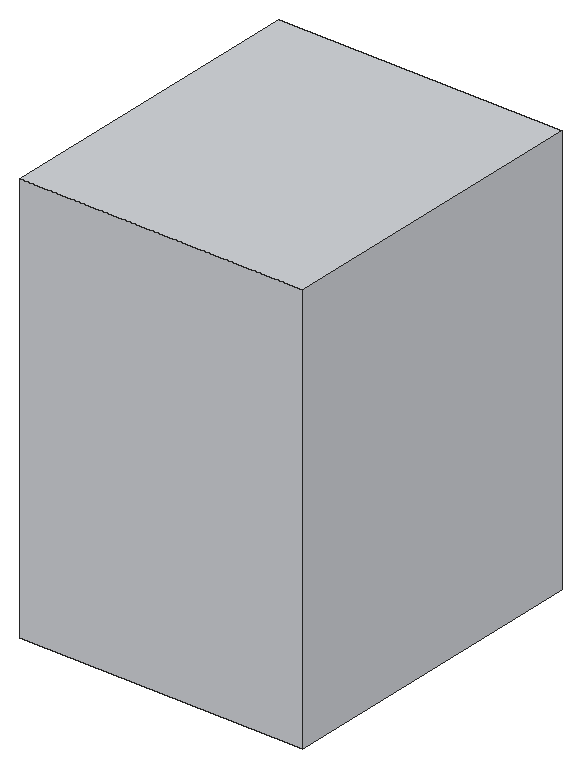
Revit family "Machinery Space", category Generic Models, Revit 2024
Family settings
  Can host rebar = No
  Round Connector Dimension = Use Diameter
  Part Type = Normal
  Work Plane-Based = No
  Always vertical = Yes
  Cut with Voids When Loaded = No
  Maintain Annotation Orientation = No
  Shared = No
  Room Calculation Point = No
Parameters
  Space Width = 1100 mm
  Space Length = 962.916 mm
  Space Height = 1400 mm
  Space Area = Space Length * Space Width  # 1.05921 m²
  Default Elevation = 0 mm
Reference planes
  plane 1 "Center (Front/Back)": y = 0
  plane 2: z = 0
  plane 3 "Center (Left/Right)": x = 0
  plane 4: y = -1100
  plane 5: x = 962.916
Forms (mm)
  Extrusion 1, solid
    sketch origin (0, 0, 0) x (0, 1, 0) y (0, 0, 1)
      loop
        line (0, 0) -> (0, 1400) -> (-1100, 1400) -> (-1100, 0) -> (0, 0)
    from 0 to 962.916
Dimensions and locks
  "Space Height": Extrusion 1 sketch curve to Extrusion 1 sketch curve
  "Space Width": Extrusion 1 sketch curve to Extrusion 1 sketch curve
  "Space Length": plane 5 to plane 3 "Center (Left/Right)"
  aligned and locked: level to plane 2
  aligned and locked: plane 4 to Extrusion 1 sketch curve
  aligned and locked: plane 5 to Extrusion 1
Automatic sketch dimensions
  Extrusion 1 sketch curve to level = 0 mm
